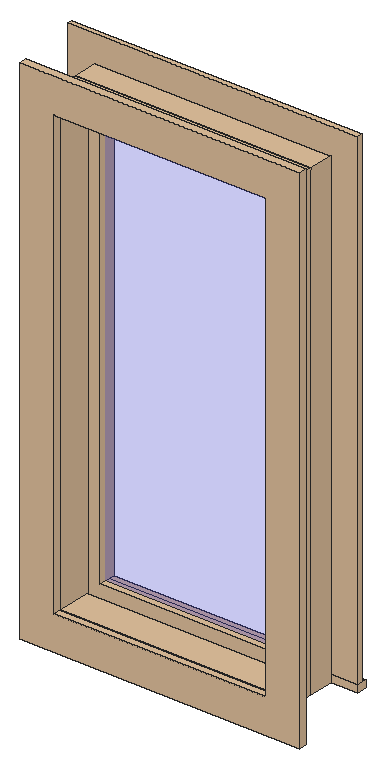
Revit family
Parameters (values of type "0610 x 1220mm")
  Glass Pane Material = Glass
  Height = 1220.00 mm
  Sash = Sash
  Default Sill Height = 915.00 mm
  Trim Exterior Material = Trim
  Trim Interior Material = Trim
  Trim Projection - Ext. = 13.00 mm
  Trim Projection - Int. = 19.00 mm
  Trim Width - Exterior = 89.00 mm
  Trim Width - Interior = 89.00 mm
  Wall Closure = (empty or 0)
  Width = 610.00 mm
  Window Inset = 19.00 mm
Types (10, lengths in mm): name | Height | Default Sill Height | Width
  (no name) | 1220.00 | 915.00 | 610.00
  0915 x 1220mm | 1220.00 | 915.00 | 915.00
  0610 x 1220mm | 1220.00 | 915.00 | 610.00
  0610 x 0610mm | 610.00 | 915.00 | 610.00
  0406 x 0610mm | 610.00 | 915.00 | 406.00
  0406 x 1220mm | 1220.00 | 915.00 | 406.00
  0406 x 1830mm | 1830.00 | 305.00 | 406.00
  0610 x 1830mm | 1830.00 | 305.00 | 610.00
  0915 x 0610mm | 610.00 | 915.00 | 915.00
  0915 x 1830mm | 1830.00 | 305.00 | 915.00
Reference planes
  plane 1: y = 0
  plane 2: z = 0
  plane 3 "Center": x = 0
  plane 4 "Left": x = -305
  plane 5 "Right": x = 305
  plane 6 "Sill": z = 915
  plane 7 "Top": z = 2135
  plane 8: y = 76.2
  plane 9: y = -76.2
  plane 10: y = 57.2
  plane 11 "Top": z = 1525
  plane 12: x = -285.95
  plane 13: x = -273.25
  plane 14: x = -374.95
  plane 15: x = -362.25
  plane 16: x = 273.25
  plane 17: x = 285.95
  plane 18: x = 362.25
  plane 19: x = 374.95
  plane 20: z = 2204.95
  plane 21: z = 2192.25
  plane 22: z = 2115.95
  plane 23: z = 2103.25
  plane 24: z = 946.75
  plane 25: z = 857.75
  plane 26 "Closure": y = 28.625
Forms (mm)
  Extrusion 1, solid, material "Trim" <- "Trim Exterior Material"
    sketch origin (0, 0, 0) x (1, 0, 0) y (0, 0, 1)
      loop
        line (-305, 2135) -> (-305, 915) -> (305, 915) -> (305, 2135) -> (-305, 2135)
      loop
        line (-285.95, 2115.95) -> (-285.95, 934.05) -> (285.95, 934.05) -> (285.95, 2115.95) -> (-285.95, 2115.95)
    from -76.2 to -12.75
  Extrusion 2, solid, material "Trim" <- "Trim Interior Material"
    sketch origin (0, 0, 0) x (-1, 0, 0) y (0, 0, 1)
      loop
        line (-305, 2135) -> (-305, 915) -> (305, 915) -> (305, 2135) -> (-305, 2135)
      loop
        line (-273.25, 2103.25) -> (-273.25, 946.75) -> (273.25, 946.75) -> (273.25, 2103.25) -> (-273.25, 2103.25)
    from 12.75 to -76.2
  Extrusion 3, solid, material "Sash" <- "Sash"
    sketch origin (0, 0, 0) x (-1, 0, 0) y (0, 0, 1)
      loop
        line (-285.95, 2115.95) -> (-285.95, 934.05) -> (285.95, 934.05) -> (285.95, 2115.95) -> (-285.95, 2115.95)
      loop
        line (-241.5, 2071.5) -> (-241.5, 978.5) -> (241.5, 978.5) -> (241.5, 2071.5) -> (-241.5, 2071.5)
    from 12.75 to 57.2
  Extrusion 4, solid, material "Glass" <- "Glass Pane Material"
    sketch origin (-124.971, 0, -117.036) x (1, 0, 0) y (0, 0, 1)
      loop
        line (-116.529, 2188.536) -> (-116.529, 1095.536) -> (366.471, 1095.536) -> (366.471, 2188.536) -> (-116.529, 2188.536)
    from -41.325 to -28.625
  Extrusion 5, solid, material "Trim" <- "Trim Interior Material"
    sketch origin (0, 0, 0) x (1, 0, 0) y (0, 0, 1)
      loop
        line (-273.25, 2103.25) -> (-273.25, 946.75) -> (273.25, 946.75) -> (273.25, 2103.25) -> (-273.25, 2103.25)
      loop
        line (-362.25, 2192.25) -> (-362.25, 857.75) -> (362.25, 857.75) -> (362.25, 2192.25) -> (-362.25, 2192.25)
    from 76.2 to 95.2
  Extrusion 6, solid, material "Trim" <- "Trim Exterior Material"
    sketch origin (0, 0, 0) x (-1, 0, 0) y (0, 0, 1)
      loop
        line (-285.95, 2115.95) -> (285.95, 2115.95) -> (285.95, 934.05) -> (374.95, 934.05) -> (374.95, 2204.95) -> (-374.95, 2204.95) -> (-374.95, 934.05) -> (-285.95, 934.05) -> (-285.95, 2115.95)
    from 76.2 to 89.2
  Extrusion 7, solid, material "Trim" <- "Trim Exterior Material"
    sketch origin (0, 0, 0) x (-1, 0, 0) y (0, 0, 1)
      loop
        line (-374.95, 934.05) -> (-374.95, 915) -> (374.95, 915) -> (374.95, 934.05) -> (-374.95, 934.05)
    from 76.2 to 101.9
Lines and regions (mm)
  Opening 1
    outline origin (-1524, -76.2, 0) x (1, 0, 0) y (0, 0, 1)
      loop
        line (1219, 2135) -> (1219, 915) -> (1829, 915) -> (1829, 2135) -> (1219, 2135)
  symbolic lines, style "WindowsFrameMullionProjection"
    curve 1: line (-305, 76.2, 0) -> (-285.95, 76.2, 0)
    curve 2: line (-285.95, 12.75, 0) -> (-285.95, 76.2, 0)
    curve 3: line (-285.95, 12.75, 0) -> (-273.25, 12.75, 0)
    curve 4: line (-273.25, -76.2, 0) -> (-273.25, 12.75, 0)
    curve 5: line (305, 76.2, 0) -> (285.95, 76.2, 0)
    curve 6: line (273.25, 12.75, 0) -> (273.25, -76.2, 0)
    curve 7: line (273.25, 12.75, 0) -> (285.95, 12.75, 0)
    curve 8: line (285.95, 12.75, 0) -> (285.95, 76.2, 0)
    curve 9: line (-285.95, 57.2, 0) -> (-241.5, 57.2, 0)
    curve 10: line (-285.95, 57.2, 0) -> (-285.95, 12.75, 0)
    curve 11: line (-285.95, 12.75, 0) -> (-241.5, 12.75, 0)
    curve 12: line (-241.5, 57.2, 0) -> (-241.5, 12.75, 0)
    curve 13: line (285.95, 57.2, 0) -> (241.5, 57.2, 0)
    curve 14: line (285.95, 57.2, 0) -> (285.95, 12.75, 0)
    curve 15: line (285.95, 12.75, 0) -> (241.5, 12.75, 0)
    curve 16: line (241.5, 57.2, 0) -> (241.5, 12.75, 0)
    curve 22: line (-273.25, -76.2, 0) -> (-305, -76.2, 0)
    curve 23: line (273.25, -76.2, 0) -> (305, -76.2, 0)
  symbolic lines, style "WindowsGlassProjection"
    curve 17: line (-241.5, 34.975, 0) -> (241.5, 34.975, 0)
  symbolic lines, style "Elevation Swing"
    curve 18: line (241.5, 57.2, 1525) -> (-241.5, 57.2, 2071.5)
    curve 19: line (241.5, 57.2, 1525) -> (-241.5, 57.2, 978.5)
    curve 20: line (-241.5, 12.75, 978.5) -> (241.5, 12.75, 1525)
    curve 21: line (241.5, 12.75, 1525) -> (-241.5, 12.75, 2071.5)
Text (mm)
  text "EXTERIOR" at (-1437.207, 772.553, 0), in view "Floor Line"
  text "INTERIOR" at (-1490.695, -608.643, 0), in view "Floor Line"
  text "Exterior" at (0, 1108.87, 3415.022), in view "Left"
  text "Exterior" at (0, 464.664, 3176.206), in view "Right"
Dimensions and locks
  equal spacing: plane 4 "Left", plane 3 "Center", plane 5 "Right"
  "Width": plane 4 "Left" to plane 5 "Right"
  plane 2 to plane 25 to plane 6 "Sill" to plane 11 "Top" to plane 7 "Top" = 857.75 mm, 57.25 mm, 610.00 mm, 610.00 mm
  "Window Inset": plane 8 to plane 10
  locked: plane 10 to Extrusion 3 at 44.45
  locked: plane 10 to Extrusion 4 at 15.875
  locked: Extrusion 4 to Extrusion 4 at 12.7
  "Trim Projection - Int.": Extrusion 5 to Extrusion 5
  equal spacing: plane 6 "Sill", plane 11 "Top", plane 7 "Top"
  locked: Extrusion 7 to Extrusion 6 at 12.7
  "Trim Projection - Ext.": Extrusion 6 to Extrusion 6
  locked: plane 4 "Left" to plane 13 at 31.75
  locked: plane 16 to plane 5 "Right" at 31.75
  locked: plane 4 "Left" to plane 12 at 19.05
  locked: plane 17 to plane 5 "Right" at 19.05
  locked: plane 22 to plane 7 "Top" at 19.05
  "Trim Width - Exterior": plane 22 to plane 20
  "Trim Width - Exterior": plane 17 to plane 19
  "Trim Width - Exterior": plane 14 to plane 12
  locked: plane 7 "Top" to plane 23 at 31.75
  locked: plane 24 to plane 6 "Sill" at 31.75
  "Trim Width - Interior": plane 21 to plane 23
  "Trim Width - Interior": plane 24 to plane 25
  "Trim Width - Interior": plane 15 to plane 13
  "Trim Width - Interior": plane 16 to plane 18
  locked: Extrusion 7 sketch curve to Extrusion 7 sketch curve at 19.05
  "Height": plane 7 "Top" to plane 6 "Sill"
  "Default Sill Height": plane 6 "Sill" to plane 2
  locked: plane 8 to plane 26 "Closure" at 47.575
  aligned and locked: plane 7 "Top" to Opening 1 sketch curve
  aligned and locked: plane 6 "Sill" to Opening 1 sketch curve  (x2)
  aligned and locked: plane 5 "Right" to Opening 1 sketch curve
  aligned and locked: plane 4 "Left" to Opening 1 sketch curve
  aligned and locked: plane 9 to host wall
  aligned and locked: host wall to Extrusion 2
  aligned and locked: plane 10 to Extrusion 3
  aligned and locked: plane 8 to host wall
  aligned and locked: host wall to Extrusion 1
  aligned and locked: Extrusion 2 to Extrusion 1
  aligned and locked: Extrusion 1 to Extrusion 3
  aligned and locked: Extrusion 4 sketch curve to Extrusion 3  (x4)
  aligned and locked: curve 5 to Extrusion 1  (x2)
  aligned and locked: Extrusion 2 to curve 6
  aligned and locked: curve 4 to Extrusion 2
  aligned and locked: curve 16 to Extrusion 3
  aligned and locked: Extrusion 1 to curve 11
  aligned and locked: Extrusion 1 to curve 7
  aligned and locked: Extrusion 3 to curve 18
  aligned and locked: Extrusion 5 sketch curve to Extrusion 2  (x4)
  aligned and locked: Extrusion 5 to host wall
  aligned and locked: Extrusion 7 sketch curve to Extrusion 6  (x2)
  aligned and locked: Extrusion 6 to host wall
  aligned and locked: Extrusion 7 to host wall
Automatic sketch dimensions
  Extrusion 1 sketch curve to plane 4 "Left" = 0.00 mm
  Extrusion 1 sketch curve to plane 5 "Right" = 0.00 mm
  Extrusion 1 sketch curve to plane 4 "Left" = 19.05 mm
  plane 5 "Right" to Extrusion 1 sketch curve = 19.05 mm
  Extrusion 1 sketch curve to plane 6 "Sill" = 0.00 mm
  Extrusion 1 sketch curve to plane 7 "Top" = 0.00 mm
  Extrusion 1 sketch curve to plane 6 "Sill" = 19.05 mm
  plane 7 "Top" to Extrusion 1 sketch curve = 19.05 mm
  Extrusion 2 sketch curve to plane 5 "Right" = 0.00 mm
  Extrusion 2 sketch curve to plane 4 "Left" = 0.00 mm
  plane 5 "Right" to Extrusion 2 sketch curve = 31.75 mm
  Extrusion 2 sketch curve to plane 4 "Left" = 31.75 mm
  Extrusion 2 sketch curve to plane 6 "Sill" = 0.00 mm
  Extrusion 2 sketch curve to plane 7 "Top" = 0.00 mm
  Extrusion 2 sketch curve to plane 6 "Sill" = 31.75 mm
  plane 7 "Top" to Extrusion 2 sketch curve = 31.75 mm
  plane 5 "Right" to Extrusion 3 sketch curve = 19.05 mm
  plane 5 "Right" to Extrusion 3 sketch curve = 63.50 mm
  Extrusion 3 sketch curve to plane 4 "Left" = 63.50 mm
  Extrusion 3 sketch curve to plane 4 "Left" = 19.05 mm
  Extrusion 3 sketch curve to plane 6 "Sill" = 19.05 mm
  Extrusion 3 sketch curve to plane 6 "Sill" = 63.50 mm
  plane 7 "Top" to Extrusion 3 sketch curve = 63.50 mm
  plane 7 "Top" to Extrusion 3 sketch curve = 19.05 mm
  curve 19 to plane 11 "Top" = 0.00 mm
  curve 21 to plane 11 "Top" = 0.00 mm
  curve 21 to curve 18 = 0.00 mm  (x2)
  curve 20 to plane 6 "Sill" = 63.50 mm
  curve 19 to curve 20 = 0.00 mm  (x2)
  curve 18 to plane 4 "Left" = 63.50 mm
  curve 20 to plane 4 "Left" = 63.50 mm
  plane 5 "Right" to curve 20 = 63.50 mm
  curve 19 to curve 21 = 0.00 mm
  curve 22 to plane 4 "Left" = 0.00 mm
  curve 1 to plane 4 "Left" = 0.00 mm
  curve 2 to plane 8 = 0.00 mm
  curve 10 to plane 10 = 0.00 mm
  curve 13 to plane 10 = 0.00 mm
  curve 23 to plane 5 "Right" = 0.00 mm
  curve 2 to plane 4 "Left" = 19.05 mm
  curve 9 to curve 12 = 44.45 mm
  plane 5 "Right" to curve 13 = 19.05 mm
  curve 23 to plane 9 = 0.00 mm
  curve 4 to plane 9 = 0.00 mm
  curve 11 to curve 17 = 22.225 mm
  Extrusion 7 sketch curve to plane 14 = 0.00 mm
  Extrusion 5 sketch curve to plane 15 = 0.00 mm
  Extrusion 5 sketch curve to plane 18 = 0.00 mm
  Extrusion 5 sketch curve to plane 25 = 0.00 mm
  Extrusion 5 sketch curve to plane 21 = 0.00 mm
  Extrusion 6 sketch curve to plane 19 = 0.00 mm
  Extrusion 6 sketch curve to plane 17 = 0.00 mm
  Extrusion 6 sketch curve to plane 12 = 0.00 mm
  Extrusion 6 sketch curve to plane 14 = 0.00 mm
  Extrusion 6 sketch curve to plane 22 = 0.00 mm
  Extrusion 6 sketch curve to plane 20 = 0.00 mm
  Extrusion 6 sketch curve to plane 6 "Sill" = 19.05 mm  (x2)
